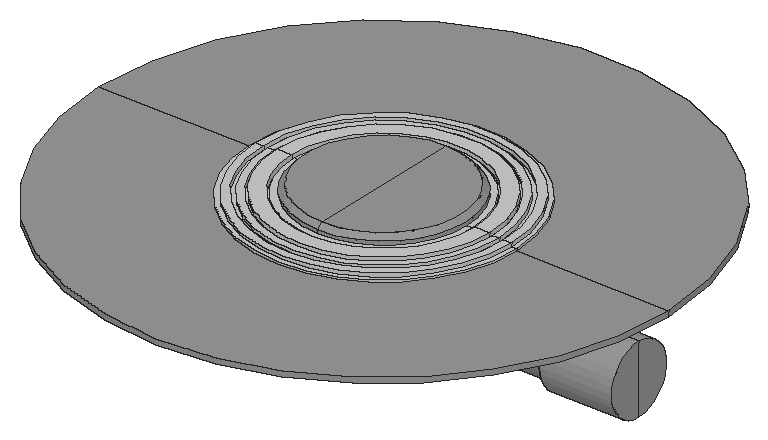
Revit family "HL_Трап для балконов и террас_HL510NKH", category Instalační zařizovací předměty, Revit 2016
Family settings
  Typ součásti = Normální
  Kóta kulaté spojky = Použít průměr
  Číslo OmniClass = 23.70.50.21.24.14
  Nadpis OmniClass = Deck Waste Water Drains
  Založené na pracovní rovině = Ne
  Vždy vertikální = Ano
  Ořezat dutým tvarem při načtení = Ne
  Sdílené = Ne
  Bod výpočtu místnosti = Ano
Parameters (values of type "HL_Трап для балконов и террас_HL510NKH")
  РАЗМЕР = "DN40/50"
  ПРОПУСКНАЯ СПОСОБНОСТЬ [instance] = 0.0 L/s
  ПРОИЗВОДИТЕЛЬНОСТЬ = "0,7 l/s"
  ПРАВОВАЯ ИНФОРМАЦИЯ = "\"Авторские права(©), права на дизайн или какие либо другие права интелектуальной собственности являются исключительной собственностью компании HL Hutterer & Lechner. Изменению не подлежит. Файл семейства с данными о прозводителе изделия защищен паролем с водяным знаком.\""
  НОМИНАЛЬНЫЙ ДИАМЕТР [instance] = 50 mm
  МАТЕРИАЛ = "PE"
  ВЫСОТА МОНТАЖА = "79 mm"
  ВЕС = "1,11 kg"
  Výrobce = "HL Hutterer & Lechner GmbH"
  URL = "http://www.hutterer-lechner.com/ru/products/catalog/roof-drains/HL510NKH.aspx"
  Материал плитка [instance] = none
  Připojení ventilace = no
  Připojení odpadu = yes
  Připojení HW = no
  Připojení CW = no
  Popis = "Трап для балконов и террас"
  Model = "HL510NKH"
  Assembly Code = " "
  Komentáře k typům = "Корпус трапа DN40/50 с полимербитумным полотном"
  Keynote = "HL510NKH"
  IH [instance] = Высота монтажа 1 + Высота монтажа 2  # 0 mm
  Высота монтажа 2 [instance] = 0 mm
  Высота монтажа 1 [instance] = 0 mm
  G [instance] = 90.00°  # constant formula
  EAN = "9003076037001"
  D [instance] = if(НОМИНАЛЬНЫЙ ДИАМЕТР = 50 mm, 188 mm, 130 mm)  # 188 mm
  C [instance] = if(IH - 68 mm < 0 mm, 0 mm, IH - 68 mm)  # 0 mm
  B [instance] = IH + 53 mm  # 53 mm
  A [instance] = if(B - 100 mm > 15 mm, B - 100 mm, 15 mm)  # 15 mm
Reference planes
  plane 1 "Center (Front/Back)": y = 0
  plane 2: z = 0
  plane 3 "Center (Left/Right)": x = 0
  plane 4: z = -53
  plane 5: z = 0
  plane 6: z = 0
Lines and regions (mm)
  model lines, style "InvisibleLines"
    curve 1: line (0, 0, 0) -> (0, 0, 20)
  model lines, style "PlumbingFixtures", detail levels coarse+medium
    curve 2: line (0, 0, -53) -> (0, 0, -38)
    curve 3: line (0, 0, -38) -> (-38, 0, 0)
    curve 4: line (0, 0, -38) -> (38, 0, 0)
    curve 6: line (0, 0, -53) -> (188, 0, -53)
  reference lines, not visible
    curve 5: line (0, 0, -53) -> (188, 0, -53)
  symbolic lines, style "PlumbingFixtures", detail levels coarse+medium
    curve 7: line (-75, 75, 0) -> (75, 75, 0)
    curve 8: line (-75, -75, 0) -> (-75, 75, 0)
    curve 9: line (75, -75, 0) -> (-75, -75, 0)
    curve 10: line (75, 75, 0) -> (75, -75, 0)
    curve 11: line (-75, 75, 0) -> (-145.711, 145.711, 0)
    curve 12: line (75, 75, 0) -> (145.711, 145.711, 0)
    curve 13: line (-75, -75, 0) -> (-145.711, -145.711, 0)
    curve 14: line (75, -75, 0) -> (145.711, -145.711, 0)
  symbolic lines, style "PlumbingFixtures", not visible, detail levels coarse+medium
    curve 15: line (-75, 75, 0) -> (75, 75, 0)
    curve 16: line (-75, -75, 0) -> (-75, 75, 0)
    curve 17: line (75, -75, 0) -> (-75, -75, 0)
    curve 18: line (75, 75, 0) -> (75, -75, 0)
    curve 19: line (-75, 75, 0) -> (-145.711, 145.711, 0)
    curve 20: line (75, 75, 0) -> (145.711, 145.711, 0)
    curve 21: line (-75, -75, 0) -> (-145.711, -145.711, 0)
    curve 22: line (75, -75, 0) -> (145.711, -145.711, 0)
Text (mm)
  text "FLOOR" at (-162.344, 0, -10.979), in view "вид строительства"
Dimensions and locks
  "B": plane 2 to plane 4
  "IH": plane 2 to plane 5
  "A": curve 4 to plane 4
  "D": curve 5 to curve 5
  "D": curve 6 to curve 6
  "Высота монтажа 1": plane 2 to plane 6
  locked: curve 4 to plane 3 "Center (Left/Right)" (angle 45.00°)
  locked: plane 3 "Center (Left/Right)" to curve 3 (angle 45.00°)
  "G": angle curve 5 to plane 3 "Center (Left/Right)"
  aligned and locked: level to plane 2
  aligned and locked: plane 2 to curve 4
  aligned and locked: plane 2 to curve 3
  aligned and locked: plane 4 to curve 5
  aligned and locked: plane 3 "Center (Left/Right)" to curve 5
  aligned and locked: plane 4 to curve 2
  aligned and locked: curve 6 to plane 3 "Center (Left/Right)"
  aligned and locked: curve 6 to plane 4
  aligned and locked: plane 2 to nested 1
  aligned and locked: plane 3 "Center (Left/Right)" to nested 1
  aligned and locked: plane 3 "Center (Left/Right)" to nested 2
  aligned and locked: nested 2 to plane 5
Automatic sketch dimensions
  curve 2 to plane 3 "Center (Left/Right)" = 0 mm
  curve 1 to plane 3 "Center (Left/Right)" = 0 mm
  curve 1 to level = 0 mm
  level to curve 1 = 20 mm
Nested families
  nested 1: "HL-Вспомогательные материалы-Противопожарная защита-HL181" at (0, 0, -18.16), type "HL-Вспомогательные материалы-Противопожарная защита-HL181"
  nested 2: "HL-Корпус трапа-HL510NKH" at (0, 0, 5.3), ND <- "НОМИНАЛЬНЫЙ ДИАМЕТР", Высота монтажа <- "Высота монтажа 1", type "HL-Корпус трапа-HL510NKH"
    with Высота монтажа 0 mm, ND 50 mm, A yes
Connectors
  piping at (188, 0, -53), diameter 50, driven by "ПРОПУСКНАЯ СПОСОБНОСТЬ", driven by "НОМИНАЛЬНЫЙ ДИАМЕТР"
    settings: on curve 5, index 1, connector inside diameter 609.6 mm, connector length 0 mm, flow factor 0, pipe flow 0.0 L/s, pressure drop 0.0 Pa, fitting loss kfactor 0, connector angle 0.00°, fixture units 0, engagement length 0 mm, angle of deflection 0.00°, flow configuration 1, flow direction 2, fitting loss method 0, system type 16, joint type 0, gender type 0, connector reference index -1, connector utility 0, adjustable connector yes, is connector primary yes, connector description ""
Definition of nested family "HL-Вспомогательные материалы-Противопожарная защита-HL181"
  Parameters (values of type "HL-Вспомогательные материалы-Противопожарная защита-HL181")
    ПРАВОВАЯ ИНФОРМАЦИЯ = "Авторские права(©), права на дизайн или какие либо другие права интелектуальной собственности являются исключительной собственностью компании HL Hutterer & Lechner. Изменению не подлежит. Файл семейства с данными о прозводителе изделия защищен паролем с водяным знаком."
    МАТЕРИАЛ = "PP"
    ВЕС = "0,044 [kg]"
    Manufacturer = "HL Hutterer & Lechner GmbH"
    URL = "http://www.hutterer-lechner.com/ru/products/catalog/roof-drains/HL181.aspx"
    Материал плитка = none
    Description = "Кровельные воронки"
    Model = "HL181"
    Type Comments = "HL181, Решётка-листвоуловитель для трапов для балконов и террас серии HL80, HL90 и HL310NK, HL510NK"
    Keynote = "HL181"
    Пропускная способность [instance] = 0.0 L/s
    EAN = "9003076028993"
    Cost = 0
  Reference planes
    plane 1 "Střed (vpředu/vzadu)": y = 0
    plane 2: z = 0
    plane 3 "Střed (vlevo/vpravo)": x = 0
  Forms (mm)
    Revolve 1, solid, detail levels fine
      sketch origin (0, 0, 0) x (0, 1, 0) y (0, 0, 1)
        loop
          line (55.35, 0) -> (55.35, 18.16) -> (61.008, 18.16) -> (61.008, 24.316) -> (57.324, 28) -> (0, 28) -> (0, 18.16) -> (45.972, 18.16) -> (49.174, 0) -> (55.35, 0)
        axis (0, 28) -> (0, 0)
      angle from 0 to 360
  Dimensions and locks
    aligned and locked: level to plane 2
Definition of nested family "HL-Корпус трапа-HL510NKH"
  Parameters (values of type "HL-Корпус трапа-HL510NKH")
    РАЗМЕР = "DN40/50"
    ПРОИЗВОДИТЕЛЬНОСТЬ = "0,7 l/s"
    ПРАВОВАЯ ИНФОРМАЦИЯ = "\"Авторские права(©), права на дизайн или какие либо другие права интелектуальной собственности являются исключительной собственностью компании HL Hutterer & Lechner. Изменению не подлежит. Файл семейства с данными о прозводителе изделия защищен паролем с водяным знаком.\""
    МАТЕРИАЛ = "PE"
    ВЫСОТА МОНТАЖА = "79 mm"
    ВЕС = "1,11 kg"
    Manufacturer = "HL Hutterer & Lechner GmbH"
    URL = "http://www.hutterer-lechner.com/ru/products/catalog/roof-drains/HL510NKH.aspx"
    Description = "Корпус трапа"
    ND [instance] = 50 mm
    Model = "HL510NKH"
    материал 2 = none
    Материал = none
    Type Comments = "Корпус трапа DN40/50 с полимербитумным полотном"
    Keynote = "HL510NKH"
    Высота монтажа [instance] = 0 mm
    EAN = "9003076037001"
    Cost = 0
    A [instance] = ND = 50 mm  # yes
  Reference planes
    plane 1 "Střed (vpředu/vzadu)": y = 0
    plane 2: z = 0
    plane 3 "Střed (vlevo/vpravo)": x = 0
  Forms (mm)
    Revolve 1, solid, material <- "Материал", detail levels fine
      sketch origin (0, 0, 0) x (1, 0, 0) y (0, 0, 1)
        loop
          line (0, -88.351) -> (0, -85.351) -> (-51, -85.351) -> (-51, -29.3) -> (-55.35, -29.3) -> (-55.35, -9.3) -> (-60.977, -9.3) -> (-60.977, -5.3) -> (-209.989, -5.3) -> (-209.989, -9.3) -> (-99.989, -9.3) -> (-99.989, -13.3) -> (-93.013, -13.3) -> (-93.013, -16.8) -> (-58.489, -16.8) -> (-58.489, -88.351) -> (0, -88.351)
        axis (0, -5.3) -> (0, -88.351)
      angle from 0 to 360
    Revolve 2, solid, material <- "Материал", detail levels fine
      sketch origin (0, 0, 0) x (1, 0, 0) y (0, 0, 1)
        loop
          line (53.193, -38.333) -> (53.193, -58.351) -> (129.993, -58.351) -> (129.993, -38.333) -> (53.193, -38.333)
        axis (53.193, -58.351) -> (129.993, -58.351)
      angle from 0 to 360
    Revolve 3, solid, material <- "материал 2", detail levels fine
      sketch origin (0, 0, 0) x (1, 0, 0) y (0, 0, 1)
        loop
          line (-57.018, -3.859) -> (-60.159, -3.859) -> (-60.159, -1.34) -> (-65.745, -1.34) -> (-65.745, -3.275) -> (-67.68, -3.275) -> (-67.68, 0) -> (-78.342, 0) -> (-78.342, -3.275) -> (-80.244, -3.275) -> (-80.244, -1.34) -> (-85.244, -1.34) -> (-85.244, -3.859) -> (-88.712, -3.859) -> (-88.712, -1.34) -> (-94.335, -1.34) -> (-94.335, -3.859) -> (-97.987, -3.859) -> (-97.987, -5.3) -> (-57.018, -5.3) -> (-57.018, -3.859)
        axis (0, 0) -> (0, -5.3)
      angle from 0 to 360
    Revolve 4, solid, material <- "Материал", visible <- "A", detail levels fine
      sketch origin (0, 0, -0.02) x (1, 0, 0) y (0, 0, 1)
        loop
          line (130, -38.327) -> (130, -58.351) -> (188, -58.351) -> (188, -33.341) -> (134.986, -33.341) -> (130, -38.327)
        axis (130, -58.351) -> (188, -58.351)
      angle from 0 to 360
  Cuts and joins
    joined: Revolve 1, Revolve 2
  Dimensions and locks
    aligned and locked: level to plane 2
